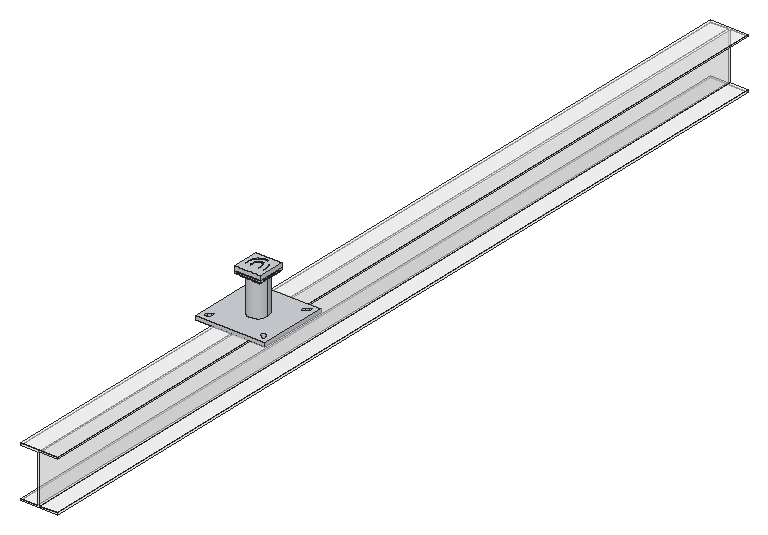
Revit family "Exterior-Building-Maintenance_FMSTBA_Plate-Weld-to-Steel_Lynn-Safety", category Generic Models, host Face, Revit 2026
Family settings
  Host = Face
  Can host rebar = No
  Round Connector Dimension = Use Diameter
  Part Type = Normal
  Cut with Voids When Loaded = No
  Maintain Annotation Orientation = No
  Shared = No
  Room Calculation Point = No
Parameters
  URL = "https://www.lynnsafety.com/"
  Specification = "https://www.arcat.com/company/lynn-safety-inc-49484/spec"
  Product Page URL = "https://www.arcat.com/arcatcos/cos49/arc49484.html"
  Model = "FMSTBA_Plate-Weld to Steel"
  Manufacturer = "Lynn Safety"
  Keynote = "11 81 23"
  Default Elevation = 4' - 0"
  Copyright = "ARCAT"
  CAD Details = "https://www.arcat.com/company/lynn-safety-inc-49484/cad"
Reference planes (in)
  plane 1 "Center (Front/Back)": y = 0
  plane 2: z = 0
  plane 3 "Center (Left/Right)": x = 0
  plane 4: x = 15
  plane 5: z = -10.2799324
Forms (in)
  Extrusion 1, solid
    sketch origin (0, 0, 4.75) x (1, 0, 0) y (0, 1, 0)
      loop
        line (-8, -8) -> (8, -8) -> (8, 8) -> (-8, 8) -> (-8, -8)
      loop
        arc (-6.3535534, 5.6464466) -> (-5.6464466, 5.6464466) -> (-5.6464466, 6.3535534) r 0.5
        line (-5.6464466, 6.3535534) -> (-6.1464466, 6.8535534)
        arc (-6.1464466, 6.8535534) -> (-6.8535534, 6.8535534) -> (-6.8535534, 6.1464466) r 0.5
        line (-6.8535534, 6.1464466) -> (-6.3535534, 5.6464466)
      loop
        arc (-5.6464466, -6.3535534) -> (-5.6464466, -5.6464466) -> (-6.3535534, -5.6464466) r 0.5
        line (-6.3535534, -5.6464466) -> (-6.8535534, -6.1464466)
        arc (-6.8535534, -6.1464466) -> (-6.8535534, -6.8535534) -> (-6.1464466, -6.8535534) r 0.5
        line (-6.1464466, -6.8535534) -> (-5.6464466, -6.3535534)
      loop
        arc (6.1464466, -6.8535534) -> (6.8535534, -6.8535534) -> (6.8535534, -6.1464466) r 0.5
        line (6.8535534, -6.1464466) -> (6.3535534, -5.6464466)
        arc (6.3535534, -5.6464466) -> (5.6464466, -5.6464466) -> (5.6464466, -6.3535534) r 0.5
        line (5.6464466, -6.3535534) -> (6.1464466, -6.8535534)
      loop
        line (6.3535534, 5.6464466) -> (6.8535534, 6.1464466)
        arc (6.8535534, 6.1464466) -> (6.8535534, 6.8535534) -> (6.1464466, 6.8535534) r 0.5
        line (6.1464466, 6.8535534) -> (5.6464466, 6.3535534)
        arc (5.6464466, 6.3535534) -> (5.6464466, 5.6464466) -> (6.3535534, 5.6464466) r 0.5
    from 7.2711127 to 8
  Extrusion 2, solid
    sketch origin (0, 0, -17.5299324) x (1, 0, 0) y (0, 1, 0)
      loop
        arc (-2, 0) -> (0, 2) -> (2, 0) r 2
        line (2, 0) -> (2, -0.875)
        arc (2, -0.875) -> (2.0366117, -0.9633883) -> (2.125, -1) r 0.125
        line (2.125, -1) -> (2.125, 0)
        arc (2.125, 0) -> (0, 2.125) -> (-2.125, 0) r 2.125
        line (-2.125, 0) -> (-2.125, -1)
        arc (-2.125, -1) -> (-2.0366117, -0.9633883) -> (-2, -0.875) r 0.125
        line (-2, -0.875) -> (-2, 0)
      loop
        arc (-1, -0.875) -> (-0.9633883, -0.9633883) -> (-0.875, -1) r 0.125
        line (-0.875, -1) -> (-0.875, 0)
        arc (-0.875, 0) -> (-0.8348463, 0.2620243) -> (-0.7180703, 0.5) r 0.875
        line (-0.7180703, 0.5) -> (0.7180703, 0.5)
        arc (0.7180703, 0.5) -> (0.8348463, 0.2620243) -> (0.875, 0) r 0.875
        line (0.875, 0) -> (0.875, -1)
        arc (0.875, -1) -> (0.9633883, -0.9633883) -> (1, -0.875) r 0.125
        line (1, -0.875) -> (1, 0)
        arc (1, 0) -> (0, 1) -> (-1, 0) r 1
        line (-1, 0) -> (-1, -0.875)
      loop
        line (3, 3) -> (-3, 3) -> (-3, -3) -> (3, -3) -> (3, 3)
    from 39.1723596 to 40.2799324
  Extrusion 3, solid
    sketch origin (0, 0, -14.5299324) x (1, 0, 0) y (0, 1, 0)
      loop
        circle (0, 0) r 2.25
    from 27.2799324 to 35.7799324
  Extrusion 4, solid, material "Default"
    sketch origin (-8, -8, 4.75) x (1, 0, 0) y (0, 0, 1)
      loop
        line (7.75, 6.75) -> (7.75, -4.25) -> (3.6875, -4.25) -> (3.6875, -4.75) -> (12.3125, -4.75) -> (12.3125, -4.25) -> (8.25, -4.25) -> (8.25, 6.75) -> (12.3125, 6.75) -> (12.3125, 7.25) -> (3.6875, 7.25) -> (3.6875, 6.75) -> (7.75, 6.75)
    from -144.0243022 to 55.2402637
  Sweep 5, solid
    path in 3D
      loop
        line (3, 3, 22.75) -> (-3, 3, 22.75) -> (-3, -3, 22.75) -> (3, -3, 22.75) -> (3, 3, 22.75)
    profile origin (3, 0, 22.75) x (-1, 0, 0) y (0, 0, 1)
      loop
        line (0, -1.1075728) -> (0, -1.5) -> (0.125, -1.5)
        arc (0.125, -1.5) -> (0.2133883, -1.5366117) -> (0.25, -1.625) r 0.125
        line (0.25, -1.625) -> (0.25, -1.75) -> (0.5209339, -1.75)
        arc (0.5209339, -1.75) -> (0.6829962, -1.8311838) -> (0.7500203, -1.9995963) r 0.254689
        line (0.7500203, -1.9995963) -> (0.7500203, -1.1075728) -> (0, -1.1075728)
  Extrusion 6, solid
    sketch origin (0, 0, -18.6375053) x (1, 0, 0) y (0, 1, 0)
      loop
        line (-2.2499797, -2.2499797) -> (2.2499797, -2.2499797) -> (2.2499797, 2.2499797) -> (-2.2499797, 2.2499797) -> (-2.2499797, -2.2499797)
      loop
        circle (0, 0) r 2.1484375
    from 39.1723596 to 40.2799324
Lines and regions (in)
  sketch lines
    curve 1: line (3, -3, 22.75) -> (3, 3, 22.75)
    curve 2: line (-3, -3, 22.75) -> (3, -3, 22.75)
    curve 3: line (-3, 3, 22.75) -> (-3, -3, 22.75)
    curve 4: line (3, 3, 22.75) -> (-3, 3, 22.75)
Dimensions and locks (in)
  plane 3 "Center (Left/Right)" to plane 4 = 1' - 3"
  aligned and locked: plane 2 to host face
  aligned and locked: level to host face
